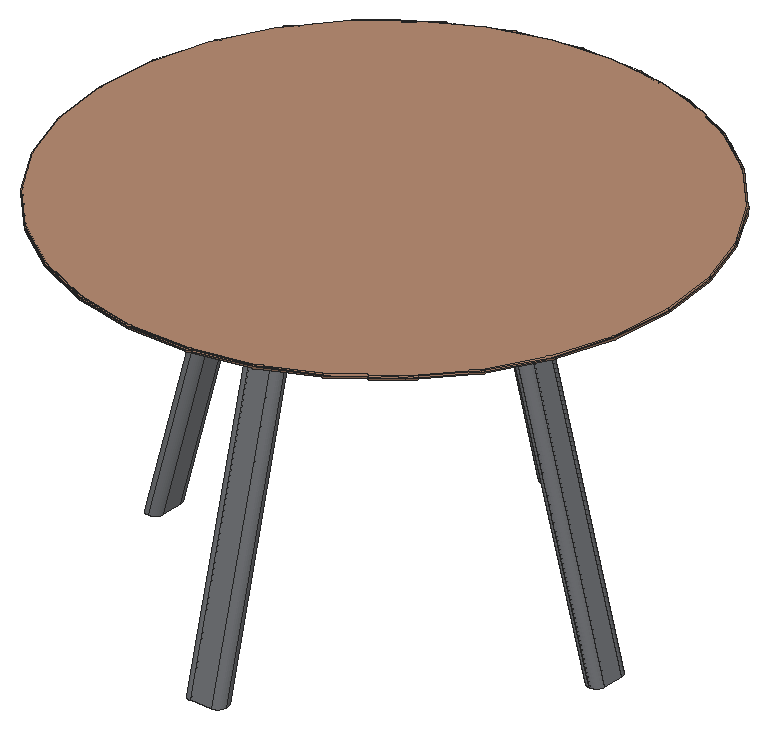
Revit family "FU_Table_Sandler_Plania Round_Complete", category Furniture, Revit 2020
Family settings
  OmniClass Number = 23.40.20.00
  OmniClass Title = General Furniture and Specialties
  Work Plane-Based = No
  Always vertical = Yes
  Cut with Voids When Loaded = No
  Shared = No
  Room Calculation Point = No
Parameters (values of type "Plania 48"/120cm Wood Top - Aluminum Legs")
  Width = 1200 mm
  URL = "https://www.sandlerseating.com/product/plania-table-sample-configuration-2/"
  Top Thickness = 22 mm
  Top Finish [instance] = Wood - Oak - Walnut
  Top = PL_Round_Wood : PL50320 - Wood
  Model = "PL50320, PL30060"
  Manufacturer = "Sandler"
  Leg Type = PL30060 : PL30060
  Leg Finish = Epoxy - M2_G49
  Height = Base Height + Top Thickness  # 750 mm
  Frame Finish = Epoxy - M2_G49
  Description = "120cm / 48″ diameter round table top with standard epoxy painted structural frame. With aluminum Legs."
  Depth = Width  # 1200 mm
  Default Elevation = 0 mm
  Base Height = 728 mm
Types (9, lengths in mm): name | Width | Top Thickness | Top Finish | Top | Model | Leg Type | Leg Finish | Height | Frame Finish | Description | Depth
  (no name) | 1200 | 22 | Wood - Oak - Walnut | PL_Round_Wood : PL50320 - Wood | "PL50320, PL30060" | PL30060 : PL30060 | Epoxy - M2_G49 | 750 | Epoxy - M2_G49 | "120cm / 48″ diameter round table top with standard epoxy painted structural frame. With aluminum Legs." | 1200
  Plania 48"/120cm Wood Top - Wooden Legs | 1200 | 22 | Wood - Solid Walnut | PL_Round_Wood : PL50320 - Wood | "PL50320, PL30160" | PL30160 : PL30160 | Wood - Oak - Walnut | 750 | Epoxy - M1_B00 - Black | "120cm / 48″ diameter round table top with standard epoxy painted structural frame. With wooden Legs." | 1200
  Plania 55"/140cm Wood Top - Wooden Legs | 1400 | 22 | Wood - Oak - Natural - V | PL_Round_Wood : PL50340 - Wood | "PL50340, PL30160" | PL30160 : PL30160 | Wood - Oak - Natural - V | 750 | Epoxy - M1_B00 - Black | "140cm / 55″ diameter round table top with standard epoxy painted structural frame. With wooden Legs." | 1400
  Plania 48"/120cm HPL/Fenix Top - Wooden Legs | 1200 | 12 | HPL - Solid - White | PL_Round_HPL : PL50320 - HPL/Fenix | "PL50320, PL30160" | PL30160 : PL30160 | Wood - Oak - Natural - V | 740 | Epoxy - M1_B00 - Black | "120cm / 48″ diameter round table top with standard epoxy painted structural frame. With wooden Legs." | 1200
  Plania 55"/140cm HPL/Fenix Top - Wooden Legs | 1400 | 12 | HPL - Solid - White | PL_Round_HPL : PL50340 - HPL/Fenix | "PL50340, PL30160" | PL30160 : PL30160 | Wood - Oak - Black - V | 740 | Epoxy - M1_B00 - Black | "140cm / 55″ diameter round table top with standard epoxy painted structural frame. With wooden Legs." | 1400
  Plania 48"/120cm HPL/Fenix Top - Aluminum Legs | 1200 | 12 | HPL - Solid - Black | PL_Round_HPL : PL50320 - HPL/Fenix | "PL50320, PL30060" | PL30060 : PL30060 | Epoxy - M1_B00 - Black | 740 | Epoxy - M1_B00 - Black | "120cm / 48″ diameter round table top with standard epoxy painted structural frame. With Aluminum Legs." | 1200
  Plania 48"/120cm Wood Top - Aluminum Legs | 1200 | 22 | Wood - Oak - Walnut | PL_Round_Wood : PL50320 - Wood | "PL50320, PL30060" | PL30060 : PL30060 | Epoxy - M2_G49 | 750 | Epoxy - M2_G49 | "120cm / 48″ diameter round table top with standard epoxy painted structural frame. With aluminum Legs." | 1200
  Plania 55"/140cm HPL/Fenix Top - Aluminum Legs | 1400 | 12 | HPL - Solid - Black | PL_Round_HPL : PL50340 - HPL/Fenix | "PL50340, PL30060" | PL30060 : PL30060 | Epoxy - M1_Aluminum | 740 | Epoxy - M1_Aluminum | "140cm / 55″ diameter round table top with standard epoxy painted structural frame. With aluminum Legs." | 1400
  Plania 55"/140cm Wood Top - Aluminum Legs | 1400 | 22 | Wood - Oak - Natural - V | PL_Round_Wood : PL50340 - Wood | "PL50340, PL30060" | PL30060 : PL30060 | Epoxy - M2 - Rust Brown | 750 | Epoxy - M2 - Rust Brown | "140cm / 55″ diameter round table top with standard epoxy painted structural frame. With aluminum Legs." | 1400
Reference planes
  plane 1 "Center (Front/Back)": y = 0
  plane 2: z = 0
  plane 3 "Center (Left/Right)": x = 0
  plane 4 "Right": x = -600
  plane 5 "Left": x = 600
  plane 6 "Back": y = 600
  plane 7 "Front": y = -600
  plane 8 "Height": z = 750
  plane 9 "Top Base": z = 728
  plane 10: y = 540
  plane 11: x = 540
  plane 12: y = -540
  plane 13: x = -540
  plane 14 "Frame Base": z = 678
  plane 15 "Base Frame Front": y = -176.576
  plane 16 "Base Frame Back": y = 176.576
  plane 17 "Base Frame Left": x = 176.576
  plane 18 "Base Frame Right": x = -176.576
  plane 19 "Leg Fit Front": y = -246.576
  plane 20 "Leg Fit Left": x = 246.576
  plane 21 "Leg Fit Back": y = 246.576
  plane 22 "Leg Fit Right": x = -246.576
Forms (mm)
  Extrusion 1, solid, material "Epoxy - M2_G49" <- "Frame Finish"
    sketch origin (0, 0, 728) x (-1, 0, 0) y (0, -1, 0)
      loop
        line (50, -176.576) -> (176.576, -50) -> (176.576, 50) -> (50, 176.576) -> (-50, 176.576) -> (-176.576, 50) -> (-176.576, -50) -> (-50, -176.576) -> (50, -176.576)
      loop
        line (170.576, 47.515) -> (47.581, 170.51) -> (-47.581, 170.51) -> (-170.576, 47.515) -> (-170.576, -47.515) -> (-47.581, -170.51) -> (47.581, -170.51) -> (170.576, -47.515) -> (170.576, 47.515)
    from -50 to 0
  Extrusion 2, solid, material "Epoxy - M2_G49" <- "Frame Finish"
    sketch origin (0, -246.576, 0) x (-1, 0, 0) y (0, 0, 1)
      loop
        line (15, 725.5) -> (-15, 725.5)
        arc (-15, 725.5) -> (-18.536, 724.036) -> (-20, 720.5) r 5
        line (-20, 720.5) -> (-20, 690.5)
        arc (-20, 690.5) -> (-18.536, 686.965) -> (-15, 685.5) r 5
        line (-15, 685.5) -> (15, 685.5)
        arc (15, 685.5) -> (18.536, 686.965) -> (20, 690.5) r 5
        line (20, 690.5) -> (20, 720.5)
        arc (20, 720.5) -> (18.536, 724.036) -> (15, 725.5) r 5
    from 0 to 70
  Extrusion 3, solid, material "Epoxy - M2_G49" <- "Frame Finish"
    sketch origin (0, 246.576, 0) x (-1, 0, 0) y (0, 0, -1)
      loop
        arc (15, -725.5) -> (18.536, -724.036) -> (20, -720.5) r 5
        line (20, -720.5) -> (20, -690.5)
        arc (20, -690.5) -> (18.536, -686.965) -> (15, -685.5) r 5
        line (15, -685.5) -> (-15, -685.5)
        arc (-15, -685.5) -> (-18.536, -686.965) -> (-20, -690.5) r 5
        line (-20, -690.5) -> (-20, -720.5)
        arc (-20, -720.5) -> (-18.536, -724.036) -> (-15, -725.5) r 5
        line (-15, -725.5) -> (15, -725.5)
    from 0 to 70
  Extrusion 4, solid, material "Epoxy - M2_G49" <- "Frame Finish"
    sketch origin (246.576, 0, 0) x (0, -1, 0) y (0, 0, 1)
      loop
        line (15, 725.5) -> (-15, 725.5)
        arc (-15, 725.5) -> (-18.536, 724.036) -> (-20, 720.5) r 5
        line (-20, 720.5) -> (-20, 690.5)
        arc (-20, 690.5) -> (-18.536, 686.965) -> (-15, 685.5) r 5
        line (-15, 685.5) -> (15, 685.5)
        arc (15, 685.5) -> (18.536, 686.965) -> (20, 690.5) r 5
        line (20, 690.5) -> (20, 720.5)
        arc (20, 720.5) -> (18.536, 724.036) -> (15, 725.5) r 5
    from 0 to 70
  Extrusion 5, solid, material "Epoxy - M2_G49" <- "Frame Finish"
    sketch origin (-246.576, 0, 0) x (0, -1, 0) y (0, 0, -1)
      loop
        arc (15, -725.5) -> (18.536, -724.036) -> (20, -720.5) r 5
        line (20, -720.5) -> (20, -690.5)
        arc (20, -690.5) -> (18.536, -686.965) -> (15, -685.5) r 5
        line (15, -685.5) -> (-15, -685.5)
        arc (-15, -685.5) -> (-18.536, -686.965) -> (-20, -690.5) r 5
        line (-20, -690.5) -> (-20, -720.5)
        arc (-20, -720.5) -> (-18.536, -724.036) -> (-15, -725.5) r 5
        line (-15, -725.5) -> (15, -725.5)
    from 0 to 70
Cuts and joins
  joined: Extrusion 1, Extrusion 2, Extrusion 3, Extrusion 4, Extrusion 5
Dimensions and locks
  equal spacing: plane 4 "Right", plane 3 "Center (Left/Right)", plane 5 "Left"
  "Width": plane 4 "Right" to plane 5 "Left"
  equal spacing: plane 6 "Back", plane 1 "Center (Front/Back)", plane 7 "Front"
  "Depth": plane 6 "Back" to plane 7 "Front"
  "Height": plane 8 "Height" to level
  "Base Height": plane 9 "Top Base" to level
  plane 8 "Height" to plane 9 "Top Base" = 22 mm
  locked: plane 4 "Right" to plane 13 at 60
  locked: plane 12 to plane 7 "Front" at 60
  locked: plane 11 to plane 5 "Left" at 60
  locked: plane 6 "Back" to plane 10 at 60
  locked: plane 9 "Top Base" to plane 14 "Frame Base" at 50
  aligned and locked: level to plane 2
  aligned and locked: Extrusion 1 to plane 14 "Frame Base"
  aligned and locked: plane 9 "Top Base" to Extrusion 1
  aligned and locked: Extrusion 2 to plane 19 "Leg Fit Front"
  aligned and locked: plane 15 "Base Frame Front" to Extrusion 2
  aligned and locked: Extrusion 3 to plane 16 "Base Frame Back"
  aligned and locked: plane 21 "Leg Fit Back" to Extrusion 3
Automatic sketch dimensions
  Extrusion 1 sketch curve to plane 17 "Base Frame Left" = 0 mm
  Extrusion 1 sketch curve to plane 16 "Base Frame Back" = 0 mm
  Extrusion 1 sketch curve to plane 15 "Base Frame Front" = 0 mm
  Extrusion 1 sketch curve to plane 18 "Base Frame Right" = 0 mm
  Extrusion 1 sketch curve to plane 17 "Base Frame Left" = 6 mm
  plane 3 "Center (Left/Right)" to Extrusion 1 sketch curve = 50 mm  (x2)
  Extrusion 1 sketch curve to plane 16 "Base Frame Back" = 6.066 mm
  Extrusion 1 sketch curve to Extrusion 1 sketch curve = 2.419 mm  (x4)
  plane 15 "Base Frame Front" to Extrusion 1 sketch curve = 6.066 mm
  Extrusion 1 sketch curve to plane 3 "Center (Left/Right)" = 47.581 mm  (x2)
  plane 18 "Base Frame Right" to Extrusion 1 sketch curve = 6 mm
  Extrusion 1 sketch curve to plane 1 "Center (Front/Back)" = 50 mm  (x2)
  Extrusion 1 sketch curve to Extrusion 1 sketch curve = 2.485 mm  (x4)
  plane 1 "Center (Front/Back)" to Extrusion 1 sketch curve = 47.515 mm  (x2)
  plane 14 "Frame Base" to Extrusion 2 sketch curve = 12.5 mm
  plane 3 "Center (Left/Right)" to Extrusion 2 sketch curve = 20 mm
  Extrusion 2 sketch curve to Extrusion 2 sketch curve = 5 mm  (x3)
  Extrusion 2 sketch curve to plane 3 "Center (Left/Right)" = 15 mm  (x2)
  Extrusion 2 sketch curve to plane 9 "Top Base" = 7.5 mm
  plane 14 "Frame Base" to Extrusion 3 sketch curve = 12.5 mm
  plane 3 "Center (Left/Right)" to Extrusion 3 sketch curve = 20 mm
  Extrusion 3 sketch curve to Extrusion 3 sketch curve = 5 mm  (x3)
  Extrusion 3 sketch curve to plane 3 "Center (Left/Right)" = 15 mm  (x2)
  Extrusion 3 sketch curve to plane 9 "Top Base" = 7.5 mm
  plane 14 "Frame Base" to Extrusion 4 sketch curve = 12.5 mm
  Extrusion 4 sketch curve to plane 1 "Center (Front/Back)" = 20 mm
  Extrusion 4 sketch curve to Extrusion 4 sketch curve = 5 mm  (x3)
  plane 1 "Center (Front/Back)" to Extrusion 4 sketch curve = 15 mm  (x2)
  Extrusion 4 sketch curve to plane 9 "Top Base" = 7.5 mm
  plane 14 "Frame Base" to Extrusion 5 sketch curve = 12.5 mm
  Extrusion 5 sketch curve to plane 1 "Center (Front/Back)" = 20 mm
  Extrusion 5 sketch curve to Extrusion 5 sketch curve = 5 mm  (x3)
  plane 1 "Center (Front/Back)" to Extrusion 5 sketch curve = 15 mm  (x2)
  Extrusion 5 sketch curve to plane 9 "Top Base" = 7.5 mm
Nested families
  nested 1: "PL30060" at (0, 0, 0), type <- "Leg Type", Leg Finish <- "Leg Finish", type "PL30060"
    with Leg Finish Epoxy - M2_G49
  nested 2: "PL30060" at (0, 0, 0) x (0, -1, 0) z (0, 0, 1), type <- "Leg Type", Leg Finish <- "Leg Finish", type "PL30060"
    with Leg Finish Epoxy - M2_G49
  nested 3: "PL30060" at (0, 0, 0) x (-1, 0, 0) z (0, 0, 1), type <- "Leg Type", Leg Finish <- "Leg Finish", type "PL30060"
    with Leg Finish Epoxy - M2_G49
  nested 4: "PL30060" at (0, 0, 0) x (0, 1, 0) z (0, 0, 1), type <- "Leg Type", Leg Finish <- "Leg Finish", type "PL30060"
    with Leg Finish Epoxy - M2_G49
  nested 5: "PL_Round_Wood" at (0, 0, 0), type <- "Top", Top Finish <- "Top Finish", type "PL50320 - Wood"
    with Top Finish Wood - Oak - Walnut
Definition of nested family "PL30060"
  Parameters (values of type "PL30060")
    Width = 966 mm
    Top Thickness = 18.083 mm
    Leg Finish [instance] = none
    Height = 750 mm
    Depth = 80 mm
    Default Elevation = 0 mm
  Reference planes
    plane 1 "Center (Front/Back)": y = 0
    plane 2: z = 0
    plane 3 "Center (Left/Right)": x = 0
    plane 4 "Right": x = -483
    plane 5 "Left": x = 483
    plane 6 "Back": y = 40
    plane 7 "Front": y = -40
    plane 8 "Height": z = 750
    plane 9 "Top Base": z = 731.917
    plane 10 "Frame Base": z = 681.917
    plane 11 "Leg Angle": through (-463.754, -1524, 9.276) normal (-0.9659, 0, 0.2587)
    plane 12 "Glide Height": z = 5.5
  Forms (mm)
    Sweep 1, solid, material <- "Leg Finish"
      path origin (0, 0, 0) x (1, 0, 0) y (0, 0, 1)
        loop
          line (-466.238, 0) -> (-268.297, 738.948)
      profile "Pro_Leg_Lozenge : W80xH35" origin (-367.268, 0, 369.474) x (-0.965945, 0, 0.258747) y (0, -1, 0)
        loop
          arc (-17.48, -22.6) -> (-12.381, -34.911) -> (-0.07, -40.01) r 17.41
          arc (-0.07, -40.01) -> (12.361, -34.638) -> (17.48, -22.1) r 17.913
          line (17.48, -22.1) -> (17.48, 22.6)
          arc (17.48, 22.6) -> (12.331, 34.96) -> (-0.07, 40.01) r 17.41
          arc (-0.07, 40.01) -> (-12.381, 34.911) -> (-17.48, 22.6) r 17.41
          line (-17.48, 22.6) -> (-17.48, -22.6)
    Extrusion 2, void
      sketch origin (0, 0, -0.215) x (1, 0, 0) y (0, 0, 1)
        loop
          line (-293.311, 750.215) -> (-293.311, 732.132) -> (-246.576, 732.132) -> (-246.576, 750.215) -> (-293.311, 750.215)
      from -45 to 45
    Extrusion 3, solid, material <- "Leg Finish"
      sketch origin (-176.576, 0, 0) x (0, 1, 0) y (0, 0, 1)
        loop
          arc (-17.5, 731.917) -> (-21.036, 730.453) -> (-22.5, 726.917) r 5
          line (-22.5, 726.917) -> (-22.5, 691.417)
          arc (-22.5, 691.417) -> (-21.036, 687.882) -> (-17.5, 686.417) r 5
          line (-17.5, 686.417) -> (17.5, 686.417)
          arc (17.5, 686.417) -> (21.036, 687.882) -> (22.5, 691.417) r 5
          line (22.5, 691.417) -> (22.5, 726.917)
          arc (22.5, 726.917) -> (21.036, 730.453) -> (17.5, 731.917) r 5
          line (17.5, 731.917) -> (-17.5, 731.917)
      from -88.617 to -5
    Extrusion 4, void
      sketch origin (-117.931, 0, 0) x (1, 0, 0) y (0, 0, 1)
        loop
          line (-368.62, -8.14) -> (-328.119, -8.14) -> (-328.119, 5.5) -> (-368.62, 5.5) -> (-368.62, -8.14)
      from -47.164 to 44.291
    Extrusion 5, solid
      sketch origin (-116.681, 0, 5.5) x (0, -1, 0) y (1, 0, 0)
        loop
          arc (13.957, -355.264) -> (20.207, -349.014) -> (13.965, -342.764) r 6.25
          line (13.965, -342.764) -> (-14.043, -342.764)
          arc (-14.043, -342.764) -> (-20.293, -349.014) -> (-14.043, -355.264) r 6.25
          line (-14.043, -355.264) -> (13.957, -355.264)
      from -5.5 to 0
  Cuts and joins
    Extrusion 2, Extrusion 4 cuts Sweep 1
    joined: Sweep 1, Extrusion 3
  Dimensions and locks
    equal spacing: plane 4 "Right", plane 3 "Center (Left/Right)", plane 5 "Left"
    "Width": plane 4 "Right" to plane 5 "Left"
    equal spacing: plane 6 "Back", plane 1 "Center (Front/Back)", plane 7 "Front"
    "Depth": plane 6 "Back" to plane 7 "Front"
    "Height": plane 8 "Height" to level
    plane 9 "Top Base" to level = 731.917 mm
    "Top Thickness": plane 8 "Height" to plane 9 "Top Base"
    locked: plane 9 "Top Base" to plane 10 "Frame Base" at 50
    aligned and locked: level to plane 2
    aligned and locked: Extrusion 3 sketch curve to plane 9 "Top Base"
  Automatic sketch dimensions
    Extrusion 2 sketch curve to plane 9 "Top Base" = 0 mm
    Extrusion 2 sketch curve to plane 8 "Height" = 0 mm
    Extrusion 2 sketch curve to Extrusion 2 sketch curve = 46.736 mm
    plane 1 "Center (Front/Back)" to Extrusion 3 sketch curve = 22.5 mm
    plane 10 "Frame Base" to Extrusion 3 sketch curve = 4.5 mm
    Extrusion 3 sketch curve to Extrusion 3 sketch curve = 5 mm  (x3)
    Extrusion 3 sketch curve to plane 1 "Center (Front/Back)" = 17.5 mm  (x2)
    Extrusion 4 sketch curve to plane 12 "Glide Height" = 0 mm
    Extrusion 4 sketch curve to Extrusion 4 sketch curve = 40.502 mm
    Extrusion 4 sketch curve to level = 8.14 mm
    plane 1 "Center (Front/Back)" to Extrusion 5 sketch curve = 13.957 mm
    Extrusion 5 sketch curve to Extrusion 5 sketch curve = 0.008 mm  (x2)
    Extrusion 5 sketch curve to Extrusion 5 sketch curve = 6.25 mm  (x3)
    Extrusion 5 sketch curve to plane 1 "Center (Front/Back)" = 14.035 mm
    Sweep 1 sketch curve to level = 0 mm
    plane 11 "Leg Angle" to Sweep 1 sketch curve = 0 mm  (x2)
    plane 9 "Top Base" to Sweep 1 sketch curve = 7.031 mm
    Extrusion 2 sketch curve to plane 3 "Center (Left/Right)" = 293.311 mm
    plane 4 "Right" to Extrusion 4 sketch curve = 3.551 mm
    Extrusion 5 sketch curve to plane 4 "Right" = 11.055 mm
Definition of nested family "PL_Round_Wood"
  Parameters (values of type "PL50320 - Wood")
    Width = 1200 mm
    URL = "https://www.sandlerseating.com/product/pl50320/"
    Top Thickness = 22 mm
    Top Finish [instance] = none
    Radius = (Width / 2) - 60 mm  # 540 mm
    Model = "PL50320 - Wood"
    Manufacturer = "Sandler"
    Height = 750 mm
    Description = "Laminated or Lacquered 120cm / 48″ diameter round table top"
    Depth = Width  # 1200 mm
    Default Elevation = 0 mm
  Types (3, lengths in mm): name | Width | Radius | Model | Description | Depth
    (no name) | 1200 | 540 | "PL50320 - Wood" | "Laminated or Lacquered 120cm / 48″ diameter round table top" | 1200
    PL50320 - Wood | 1200 | 540 | "PL50320 - Wood" | "Laminated or Lacquered 120cm / 48″ diameter round table top" | 1200
    PL50340 - Wood | 1400 | 640 | "PL50340 - Wood" | "Laminated or Lacquered 140cm / 55″ diameter round table top" | 1400
  Reference planes
    plane 1 "Center (Front/Back)": y = 0
    plane 2: z = 0
    plane 3 "Center (Left/Right)": x = 0
    plane 4 "Right": x = -600
    plane 5 "Left": x = 600
    plane 6 "Back": y = 600
    plane 7 "Front": y = -600
    plane 8 "Height": z = 750
    plane 9 "Top Base": z = 728
    plane 10: y = 540
    plane 11: x = 540
    plane 12: y = -540
    plane 13: x = -540
  Forms (mm)
    Extrusion 1, solid, material <- "Top Finish"
      sketch origin (0, 0, 728) x (-1, 0, 0) y (0, -1, 0)
        loop
          circle (0, 0) r 540
      from 0 to 22
    Sweep 2, solid, material <- "Top Finish"
      path in 3D
        loop
          arc (540, 0, 750) -> (0, -540, 750) -> (-540, 0, 750) r 540
          arc (-540, 0, 750) -> (0, 540, 750) -> (540, 0, 750) r 540
      profile "Pro_IC_TT_Wood_Edge_22x60 : Pro_IC_TT_Wood_Edge_22x60" origin (0, 540, 750) x (0, 1, 0) y (0, 0, 1)
        loop
          line (0, 0) -> (0, -22) -> (9.688, -22)
          arc (9.688, -22) -> (33.938, -16.196) -> (57.496, -8.025) r 252.177
          arc (57.496, -8.025) -> (59.315, -6.554) -> (60, -4.316) r 4
          line (60, -4.316) -> (60, -2)
          arc (60, -2) -> (59.414, -0.586) -> (58, 0) r 2
          line (58, 0) -> (0, 0)
  Cuts and joins
    joined: Extrusion 1, Sweep 2
  Lines and regions (mm)
    sketch lines
      curve 1: arc (-540, 0, 750) -> (0, 540, 750) -> (540, 0, 750) r 540
      curve 2: arc (540, 0, 750) -> (0, -540, 750) -> (-540, 0, 750) r 540
  Dimensions and locks
    equal spacing: plane 4 "Right", plane 3 "Center (Left/Right)", plane 5 "Left"
    "Width": plane 4 "Right" to plane 5 "Left"
    equal spacing: plane 6 "Back", plane 1 "Center (Front/Back)", plane 7 "Front"
    "Depth": plane 6 "Back" to plane 7 "Front"
    "Height": plane 8 "Height" to level
    plane 9 "Top Base" to level = 728 mm
    "Top Thickness": plane 8 "Height" to plane 9 "Top Base"
    locked: plane 4 "Right" to plane 13 at 60
    locked: plane 12 to plane 7 "Front" at 60
    locked: plane 11 to plane 5 "Left" at 60
    locked: plane 6 "Back" to plane 10 at 60
    "Radius": radius of Extrusion 1 sketch curve
    aligned and locked: level to plane 2
    aligned and locked: plane 8 "Height" to Extrusion 1
    aligned and locked: Extrusion 1 to plane 9 "Top Base"
  Automatic sketch dimensions
    plane 1 "Center (Front/Back)" to Extrusion 1 sketch curve = 0 mm
    Extrusion 1 sketch curve to plane 3 "Center (Left/Right)" = 0 mm
